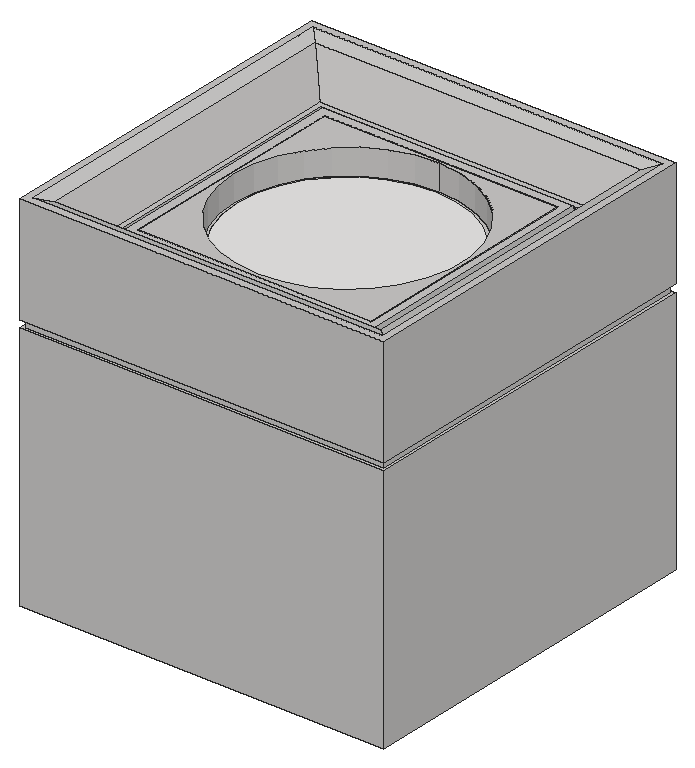
Revit family "Lighting-Luminii-Leto_44_Plus_S_SML new", category Lighting Fixtures, host Face, Revit 2020
Family settings
  Host = Face
  Round Connector Dimension = Use Diameter
  Part Type = Normal
  OmniClass Number = 23.80.70.11.14.11
  OmniClass Title = Downlights
  Cut with Voids When Loaded = No
  Light Source = Yes
  Shared = Yes
  Room Calculation Point = No
Parameters (values of type "Leto 44 Plus S SML")
  Width = 0' - 5 73/128"  # constant formula
  Wattage Comments = "6.5W"
  Wattage = 6.49954 W
  Warranty URL = "https://www.luminii.com/terms-conditions/"
  built-in parameter 1150110 = 1 (stored number, unit not read)
  Voltage Comments = "120V | 277V | 347V"  # constant formula
  Voltage = 120 V
  Version = "2020 - v1.0a"  # constant formula
  URL = "https://www.luminii.com/"
  built-in parameter 1114217 = 1 (stored number, unit not read)
  Tilt Angle = -90.00°  # constant formula
  built-in parameter 1150109 = 1 (stored number, unit not read)
  built-in parameter 1150134 = (empty or 0)
  built-in parameter 1150113 = 1 (stored number, unit not read)
  Support Phone = "224-699-9545"  # constant formula
  Support Email = "mailto:support@bimsmith.com"
  Product Page URL = "https://www.luminii.com/product/leto-44-plus-s-sml/"
  Power Source Type = "Driver"  # constant formula
  Power Factor = 1
  Photometric Web File = "714-A90-610-35-07-00.ies"
  Phase = 1
  Operating Temperature = "Consult Manufacturer Website for more Information"  # constant formula
  Number of Poles = if(and(or(Voltage = 120 V, Voltage = 277 V), Phase = 1), 1, if(and(or(Voltage = 208 V, Voltage = 240 V), Phase = 1), 2, if(and(or(Voltage = 208 V, Voltage = 240 V), Phase = 3), 3, if(and(Voltage > 300 V, Phase = 1), 2, if(and(Voltage > 400 V, Phase = 3), 3, 1)))))  # 1
  Mounting Method = "Ceiling Mount"  # constant formula
  Model = "714"  # constant formula
  Manufacturer Phone Number = "403-216-7043"  # constant formula
  Manufacturer Email = "mailto: info@sensolighting.com"
  Manufacturer Address = "302 50 Ave SE. Calgary, Alberta, T2G 2A9 Canada"  # constant formula
  Manufacturer = "Luminii"  # constant formula
  built-in parameter 1150105 = 55.704 (stored number, unit not read)
  Lumens = 700 lm
  Luminaire Type = "Surface Mount Downlight"  # constant formula
  built-in parameter 1150115 = 1 (stored number, unit not read)
  Load Classification = Lighting
  built-in parameter 1150137 = (empty or 0)
  built-in parameter 1150139 = (empty or 0)
  Lens Material = Plastic - Luminii - Frosted Lens
  built-in parameter 1150112 = 1 (stored number, unit not read)
  built-in parameter 1150114 = 1 (stored number, unit not read)
  Lamp Life = 1
  Lamp = "LED"  # constant formula
  Keynote = "26 50 00"
  built-in parameter 1150132 = 2
  built-in parameter 1150102 = (empty or 0)
  built-in parameter 1150107 = 3500 (stored number, unit not read)
  Initial Color Comments = "Perfomance based on 3500K Photometric Web File"  # constant formula
  built-in parameter 1150138 = (empty or 0)
  built-in parameter 1150106 = 0.55704 (stored number, unit not read)
  Housing Protection Rating = "Consult Manufacturer Website for more Information"  # constant formula
  Height = 0' - 5 73/128"  # constant formula
  Has Dimming = 1 = 1  # yes
  Has Battery Backup = 0 = 1  # no
  Frequency Comments = ""  # constant formula
  Frequency = 60 Hz
  Finish = Metal - Luminii - Silver Anodized Aluminum
  Environment = "Indoor"  # constant formula
  built-in parameter 1150104 = 10.006 (stored number, unit not read)
  Dimming Type = "Consult Manufacturer Website for more Information"  # constant formula
  Dimming Lamp Color Temperature Shift = <None>
  Description = "Surface Mount LED Downlight"  # constant formula
  Depth = 0' - 5 73/128"  # constant formula
  Default Elevation = 0' - 0"  # constant formula
  Current Amps = 50 A
  Copyright = "©2024 Luminii"  # constant formula
  Control Zone = "Consult Manufacturer Website for more Information"  # constant formula
  Control Type = "Consult Manufacturer Website for more Information"  # constant formula
  Constraints = 1  # constant formula
  Color Filter = 16777215
  built-in parameter 1114216 [instance] = 0  # (empty or 0)
  Canopy Finish = Metal - Luminii - Silver Anodized Aluminum
  built-in parameter 1140040 [instance] = 1 = 1  # 1
  CCT = "3500K"
  C Canopy Offset [instance] = 0' - 2 9/32"  # constant formula
  built-in parameter 1114218 = 1 (stored number, unit not read)
  built-in parameter 1150133 = 10 (stored number, unit not read)
  Assembly Code = "D5020200"
  Apparent Load = Wattage / Power Factor  # 6.49954 VA
Reference planes (in)
  plane 1 "Center (Front/Back)": y = 0
  plane 2: z = 0
  plane 3 "Center (Left/Right)": x = 0
  plane 4: x = 0
  plane 5: x = 0
  plane 6: y = 3.70117
  plane 7: y = -1.86914
  plane 8 "A": z = 0
  plane 9: z = 5.57031
Forms (in)
  Extrusion 1, solid, material "Metal - Luminii - Silver Anodized Aluminum", not visible
    sketch origin (0, 0, 0) x (1, 0, 0) y (0, 1, 0)
      loop
        circle (0, 0) r 0.5
    from 0 to -0.17225
Dimensions and locks (in)
  equal spacing: plane 4, plane 3 "Center (Left/Right)", plane 5
  plane 6 to plane 1 "Center (Front/Back)" to plane 7 = 0' - 3.70117", 0' - 1.86914"
  plane 4 to plane 5 = 0' - 0"
  "Width": plane 6 to plane 7
  "Height": plane 9 to plane 8 "A"
  locked: plane 9 to imposter light at 0.89373
  aligned and locked: plane 2 to host face
  aligned and locked: plane 3 "Center (Left/Right)" to Extrusion 1 sketch curve
  aligned and locked: plane 1 "Center (Front/Back)" to Extrusion 1 sketch curve
  aligned and locked: plane 2 to Extrusion 1  (x2)
  aligned and locked: imposter light to plane 3 "Center (Left/Right)"
  aligned and locked: imposter light to plane 1 "Center (Front/Back)"
  aligned and locked: plane 3 "Center (Left/Right)" to nested 1
  aligned and locked: plane 1 "Center (Front/Back)" to nested 1
  aligned and locked: plane 8 "A" to host face
Automatic sketch dimensions
  host sketch curve to host sketch curve = 8' - 0"  (x2)
  radius of Extrusion 1 sketch curve = 0' - 0 1/2"
Nested families (in)
  nested 1: "Nested - Lamp" at (0, 0, 0), type "Nested - Lamp"
Connectors (in)
  electrical at (0, 0, 0), driven by "Number of Poles", driven by "Load Classification", driven by "Voltage", driven by "Apparent Load", driven by "Power Factor"
    settings: on Extrusion 1, index 1, voltage 120 V, apparent load 6.49954 VA, apparent load phase1 0 VA, apparent load phase2 0 VA, apparent load phase3 0 VA, power factor 1, load classification "Lighting", number of poles 1, system type 30, power factor state 1, is connector primary yes, connector utility no, sub classification motor no, connector description "Power Connection"
Definition of nested family "Nested - Lamp"
  Parameters (values of type "Nested - Lamp")
    Width = 0' - 5.57087"  # constant formula
    Screen Material = none
    Inner Screen = none
    Height = 0' - 6.49606"  # constant formula
    Finish = none
    Default Elevation = 4' - 0"
    Constraint = 3
  Reference planes (in)
    plane 1 "Center (Front/Back)": y = 0
    plane 2: z = 0
    plane 3 "Center (Left/Right)": x = 0
    plane 4: y = 2.78543
    plane 5: y = -2.78543
    plane 6: x = -2.78543
    plane 7: x = 2.78543
  Forms (in)
    Extrusion 1, solid
      sketch origin (0, 0, 0) x (1, 0, 0) y (0, 1, 0)
        loop
          line (-48, 48) -> (-48, -48) -> (48, -48) -> (48, 48) -> (-48, 48)
      from 0 to -12
    Sweep 2, solid, material <- "Finish", detail levels medium+fine
      path origin (-0.03362, 1.25, 6.49606) x (0, 1, 0) y (-1, 0, 0)
        loop
          line (1.53543, -2.81906) -> (1.53543, 2.75181) -> (-4.03543, 2.75181) -> (-4.03543, -2.81906) -> (1.53543, -2.81906)
      profile origin (2.78543, 0, 6.49606) x (1, 0, 0) y (0, 0, 1)
        loop
          line (0, -6.49606) -> (0, -2.69685) -> (-0.04724, -2.69685) -> (-0.04724, -2.57874) -> (0, -2.57874) -> (0, -0.9252) -> (-0.10635, -0.9252) -> (-0.30013, -0.99573) -> (-0.62144, -1.55512) -> (-0.71063, -1.55512) -> (-0.7348, -1.83138)
          arc (-0.7348, -1.83138) -> (-0.77582, -1.8724) -> (-0.81683, -1.83138) r 0.04102
          line (-0.81683, -1.83138) -> (-0.87226, -1.43701) -> (-0.99999, -1.43701) -> (-0.99999, -2.05919) -> (-0.21654, -2.05919) -> (-0.21654, -6.29921) -> (-0.07874, -6.29921) -> (-0.07874, -6.49606) -> (0, -6.49606)
    Extrusion 3, solid, material <- "Screen Material"
      sketch origin (0, 0, 4.51901) x (1, 0, 0) y (0, 1, 0)
        loop
          circle (0, 0) r 1.68742
      from 0.14567 to 0.15757
    Extrusion 4, solid, material <- "Finish"
      sketch origin (1.59205, 1.59205, 3.63189) x (0, -1, 0) y (1, 0, 0)
        loop
          circle (1.59205, -1.59205) r 1.73767
        loop
          line (-0.19339, -3.37749) -> (3.37749, -3.37749) -> (3.37749, 0.19339) -> (-0.19339, 0.19339) -> (-0.19339, -3.37749)
      from 1.03279 to 1.42717
    Extrusion 5, solid, material <- "Finish"
      sketch origin (1.59205, 1.59205, 5.14697) x (0, -1, 0) y (1, 0, 0)
        loop
          circle (1.59205, -1.59205) r 1.73767
      from -0.48228 to -0.62795
    Extrusion 6, solid, material <- "Finish"
      sketch origin (-0.03362, 1.25, 8.28705) x (0, 1, 0) y (-1, 0, 0)
        loop
          line (-3.97638, -2.76) -> (1.47638, -2.76) -> (1.47638, 2.69275) -> (-3.97638, 2.69275) -> (-3.97638, -2.76)
        loop
          line (-3.02788, -0.34859) -> (-1.87992, -0.34859)
          arc (-1.87992, -0.34859) -> (-1.65721, -0.44084) -> (-1.56496, -0.66355) r 0.31496
          line (-1.56496, -0.66355) -> (-1.56496, -1.80493)
          arc (-1.56496, -1.80493) -> (-1.25, -2.11989) -> (-0.93504, -1.80493) r 0.31496
          line (-0.93504, -1.80493) -> (-0.93504, -0.66355)
          arc (-0.93504, -0.66355) -> (-0.84279, -0.44084) -> (-0.62008, -0.34859) r 0.31496
          line (-0.62008, -0.34859) -> (0.5213, -0.34859)
          arc (0.5213, -0.34859) -> (0.83626, -0.03362) -> (0.5213, 0.28134) r 0.31496
          line (0.5213, 0.28134) -> (-0.62008, 0.28134)
          arc (-0.62008, 0.28134) -> (-0.84279, 0.37359) -> (-0.93504, 0.5963) r 0.31496
          line (-0.93504, 0.5963) -> (-0.93504, 1.74425)
          arc (-0.93504, 1.74425) -> (-1.25, 2.05921) -> (-1.56496, 1.74425) r 0.31496
          line (-1.56496, 1.74425) -> (-1.56496, 0.5963)
          arc (-1.56496, 0.5963) -> (-1.65721, 0.37359) -> (-1.87992, 0.28134) r 0.31496
          line (-1.87992, 0.28134) -> (-3.02788, 0.28134)
          arc (-3.02788, 0.28134) -> (-3.34284, -0.03362) -> (-3.02788, -0.34859) r 0.31496
      from -8.1649 to -8.0902
    Extrusion 7, solid, material <- "Finish"
      sketch origin (-0.03362, 1.25, 8.28705) x (0, 1, 0) y (-1, 0, 0)
        loop
          line (-3.97638, -2.76) -> (1.47638, -2.76) -> (1.47638, 2.69275) -> (-3.97638, 2.69275) -> (-3.97638, -2.76)
        loop
          arc (-2.46239, 0.53411) -> (-2.58874, -0.03362) -> (-2.46239, -0.60136) r 1.33874
          arc (-2.46239, -0.60136) -> (-2.3038, -0.65359) -> (-2.2511, -0.49516) r 0.11824
          arc (-2.2511, -0.49516) -> (-2.35236, -0.03034) -> (-2.24833, 0.43387) r 1.10236
          arc (-2.24833, 0.43387) -> (-2.30676, 0.58778) -> (-2.46239, 0.53411) r 0.11824
        loop
          arc (-0.03761, 0.53411) -> (-0.19324, 0.58778) -> (-0.25167, 0.43387) r 0.11824
          arc (-0.25167, 0.43387) -> (-0.14764, -0.03034) -> (-0.2489, -0.49516) r 1.10236
          arc (-0.2489, -0.49516) -> (-0.1962, -0.65359) -> (-0.03761, -0.60136) r 0.11824
          arc (-0.03761, -0.60136) -> (0.08874, -0.03362) -> (-0.03761, 0.53411) r 1.33874
        loop
          arc (-0.68227, -1.24602) -> (-0.6286, -1.09038) -> (-0.78251, -1.03195) r 0.11824
          arc (-0.78251, -1.03195) -> (-1.24671, -1.13598) -> (-1.71153, -1.03472) r 1.10236
          arc (-1.71153, -1.03472) -> (-1.86997, -1.08742) -> (-1.81773, -1.24602) r 0.11824
          arc (-1.81773, -1.24602) -> (-1.25, -1.37236) -> (-0.68227, -1.24602) r 1.33874
        loop
          arc (-0.68227, 1.17877) -> (-1.25, 1.30511) -> (-1.81773, 1.17877) r 1.33874
          arc (-1.81773, 1.17877) -> (-1.86997, 1.02017) -> (-1.71153, 0.96747) r 0.11824
          arc (-1.71153, 0.96747) -> (-1.24671, 1.06873) -> (-0.78251, 0.9647) r 1.10236
          arc (-0.78251, 0.9647) -> (-0.6286, 1.02313) -> (-0.68227, 1.17877) r 0.11824
      from -7.81461 to -7.75481
    Sweep 8, solid, material <- "Finish", detail levels coarse
      path origin (-0.03362, 1.25, 6.49606) x (0, 1, 0) y (-1, 0, 0)
        loop
          line (1.53543, -2.81906) -> (1.53543, 2.75181) -> (-4.03543, 2.75181) -> (-4.03543, -2.81906) -> (1.53543, -2.81906)
      profile origin (2.78543, 0, 6.49606) x (1, 0, 0) y (0, 0, 1)
        loop
          line (0, -6.49606) -> (0, -0.9252) -> (-0.10635, -0.9252) -> (-0.30013, -0.99573) -> (-0.5536, -1.43701) -> (-0.99999, -1.43701) -> (-0.99999, -2.05919) -> (-0.21654, -2.05919) -> (-0.21654, -6.29921) -> (-0.07874, -6.29921) -> (-0.07874, -6.49606) -> (0, -6.49606)
    Extrusion 9, solid
      sketch origin (-0.03362, 1.25, 0.47244) x (-1, 0, 0) y (0, 1, 0)
        loop
          circle (-0.94898, 0.84646) r 0.23
      from 0 to 0.05
  Lines and regions (in)
    reference lines
      curve 1: line (0, 0.37991, 4.86187) -> (0, 0, 4.86187)
  Dimensions and locks (in)
    equal spacing: plane 4, plane 1 "Center (Front/Back)", plane 5
    "Width": plane 4 to plane 5
    equal spacing: plane 6, plane 3 "Center (Left/Right)", plane 7
    "Width": plane 6 to plane 7
    aligned and locked: plane 2 to Extrusion 1
    aligned and locked: level to Extrusion 1
    aligned and locked: Sweep 2 sketch curve to plane 7
    aligned and locked: Sweep 2 sketch curve to plane 6
    aligned and locked: Sweep 2 sketch curve to plane 4
    aligned and locked: Sweep 2 sketch curve to plane 5
  Automatic sketch dimensions
    Extrusion 1 sketch curve to Extrusion 1 sketch curve = 8' - 0"  (x2)
    profile plane to Sweep 2 sketch curve = 0' - 0"  (x2)
    Sweep 2 sketch curve to Sweep 2 sketch curve = 0' - 0.04724"
    Sweep 2 sketch curve to Sweep 2 sketch curve = 0' - 0.07874"
    profile plane to Sweep 2 sketch curve = 0' - 0.10635"
    Sweep 2 sketch curve to Sweep 2 sketch curve = 0' - 0.1378"
    Sweep 2 sketch curve to Sweep 2 sketch curve = 0' - 0.19378"
    profile plane to Sweep 2 sketch curve = 0' - 0.62144"
    Sweep 2 sketch curve to Sweep 2 sketch curve = 0' - 0.08919"
    Sweep 2 sketch curve to Sweep 2 sketch curve = 0' - 0.02417"
    Sweep 2 sketch curve to Sweep 2 sketch curve = 0' - 0.04102"
    Sweep 2 sketch curve to Sweep 2 sketch curve = 0' - 0.16163"
    Sweep 2 sketch curve to Sweep 2 sketch curve = 0' - 0.18316"
    Sweep 2 sketch curve to profile plane = 0' - 6.49606"
    Sweep 2 sketch curve to Sweep 2 sketch curve = 0' - 0.19685"
    Sweep 2 sketch curve to profile plane = 0' - 2.69685"
    Sweep 2 sketch curve to Sweep 2 sketch curve = 0' - 0.11811"  (x2)
    Sweep 2 sketch curve to Sweep 2 sketch curve = 0' - 0 133/256"
    Sweep 2 sketch curve to Sweep 2 sketch curve = 0' - 0.22781"
    Sweep 2 sketch curve to Sweep 2 sketch curve = 0' - 0.27626"
    Sweep 2 sketch curve to Sweep 2 sketch curve = 0' - 0.55939"
    Sweep 2 sketch curve to Sweep 2 sketch curve = 0' - 0.07053"
    Extrusion 6 sketch curve to plane 3 "Center (Left/Right)" = 0' - 0"  (x2)
    plane 1 "Center (Front/Back)" to Extrusion 6 sketch curve = 0' - 0"  (x2)
    Extrusion 6 sketch curve to Extrusion 6 sketch curve = 0' - 0.31496"  (x5)
    plane 1 "Center (Front/Back)" to Extrusion 6 sketch curve = 0' - 0.31496"
    Extrusion 6 sketch curve to plane 3 "Center (Left/Right)" = 0' - 0.31496"  (x2)
    Extrusion 6 sketch curve to plane 5 = 0' - 1.00756"
    Extrusion 6 sketch curve to plane 5 = 0' - 0.05906"
    Extrusion 6 sketch curve to plane 4 = 0' - 1.01413"
    Extrusion 6 sketch curve to plane 4 = 0' - 0.05906"
    Extrusion 6 sketch curve to plane 7 = 0' - 1.01413"
    Extrusion 6 sketch curve to plane 7 = 0' - 0.05906"
    Extrusion 6 sketch curve to plane 6 = 0' - 1.00756"
    Extrusion 6 sketch curve to plane 6 = 0' - 0.05906"
    Extrusion 7 sketch curve to Extrusion 7 sketch curve = 0' - 0"  (x56)
    plane 1 "Center (Front/Back)" to Extrusion 7 sketch curve = 0' - 0"
    Extrusion 7 sketch curve to plane 3 "Center (Left/Right)" = 0' - 0"
    plane 1 "Center (Front/Back)" to Extrusion 7 sketch curve = 0' - 0.51432"  (x2)
    Extrusion 7 sketch curve to plane 3 "Center (Left/Right)" = 0' - 0.51432"  (x2)
    Extrusion 7 sketch curve to Extrusion 7 sketch curve = 0' - 0.59258"  (x8)
    plane 3 "Center (Left/Right)" to Extrusion 7 sketch curve = 0' - 0.51432"  (x2)
    Extrusion 7 sketch curve to plane 5 = 0' - 0.05906"
    Extrusion 7 sketch curve to plane 1 "Center (Front/Back)" = 0' - 0.51432"  (x2)
    Extrusion 7 sketch curve to plane 4 = 0' - 0.05906"
    Extrusion 7 sketch curve to plane 7 = 0' - 0.05906"
    Extrusion 7 sketch curve to plane 6 = 0' - 0.05906"
    Extrusion 7 sketch curve to Extrusion 7 sketch curve = 0' - 0.05279"  (x2)
    Extrusion 7 sketch curve to Extrusion 7 sketch curve = 0' - 0.05342"  (x4)
    Extrusion 7 sketch curve to Extrusion 7 sketch curve = 0' - 0.10858"  (x2)
    Extrusion 7 sketch curve to Extrusion 7 sketch curve = 0' - 0.10581"  (x2)
    Extrusion 7 sketch curve to Extrusion 7 sketch curve = 0' - 0.10549"  (x4)
    Extrusion 7 sketch curve to Extrusion 7 sketch curve = 0' - 0.04683"  (x2)
    plane 5 to Sweep 8 sketch curve = 0' - 0"
    Sweep 8 sketch curve to plane 4 = 0' - 0"
    Sweep 8 sketch curve to plane 7 = 0' - 0"
    Sweep 8 sketch curve to plane 6 = 0' - 0"
    profile plane to Sweep 8 sketch curve = 0' - 0"
    profile plane to Sweep 8 sketch curve = 0' - 0.07874"
    Sweep 8 sketch curve to Sweep 8 sketch curve = 0' - 0.10635"
    Sweep 8 sketch curve to Sweep 8 sketch curve = 0' - 0.1378"
    Sweep 8 sketch curve to Sweep 8 sketch curve = 0' - 0.19378"
    Sweep 8 sketch curve to Sweep 8 sketch curve = 0' - 0.25347"
    Sweep 8 sketch curve to Sweep 8 sketch curve = 0' - 0.44639"
    Sweep 8 sketch curve to profile plane = 0' - 6.49606"
    Sweep 8 sketch curve to Sweep 8 sketch curve = 0' - 0.19685"
    Sweep 8 sketch curve to profile plane = 0' - 2.05919"
    Sweep 8 sketch curve to Sweep 8 sketch curve = 0' - 0.62218"
    Sweep 8 sketch curve to Sweep 8 sketch curve = 0' - 0.44128"
    Sweep 8 sketch curve to Sweep 8 sketch curve = 0' - 0.07053"
    Extrusion 7 to Extrusion 9 sketch curve = 0' - 0.62992"
    Extrusion 7 to Extrusion 9 sketch curve = 0' - 1.81102"
    plane 1 "Center (Front/Back)" to Extrusion 3 sketch curve = 0' - 0"
    Extrusion 3 sketch curve to plane 3 "Center (Left/Right)" = 0' - 0"
    plane 1 "Center (Front/Back)" to Extrusion 4 sketch curve = 0' - 0"
    Extrusion 4 sketch curve to plane 3 "Center (Left/Right)" = 0' - 0"
    Extrusion 4 sketch curve to plane 4 = 0' - 1"
    Extrusion 4 sketch curve to plane 5 = 0' - 1"
    Extrusion 4 sketch curve to plane 6 = 0' - 1"
    Extrusion 4 sketch curve to plane 7 = 0' - 1"
    plane 1 "Center (Front/Back)" to Extrusion 5 sketch curve = 0' - 0"
    Extrusion 5 sketch curve to plane 3 "Center (Left/Right)" = 0' - 0"
    curve 1 to plane 1 "Center (Front/Back)" = 0' - 0"
    level to curve 1 = 0' - 4.86187"
    curve 1 to curve 1 = 0' - 0.37991"
    radius of Extrusion 9 sketch curve = 0' - 0.23"
    radius of Extrusion 3 sketch curve = 0' - 1.68742"
    radius of Extrusion 4 sketch curve = 0' - 1.73767"
    radius of Extrusion 5 sketch curve = 0' - 1.73767"
